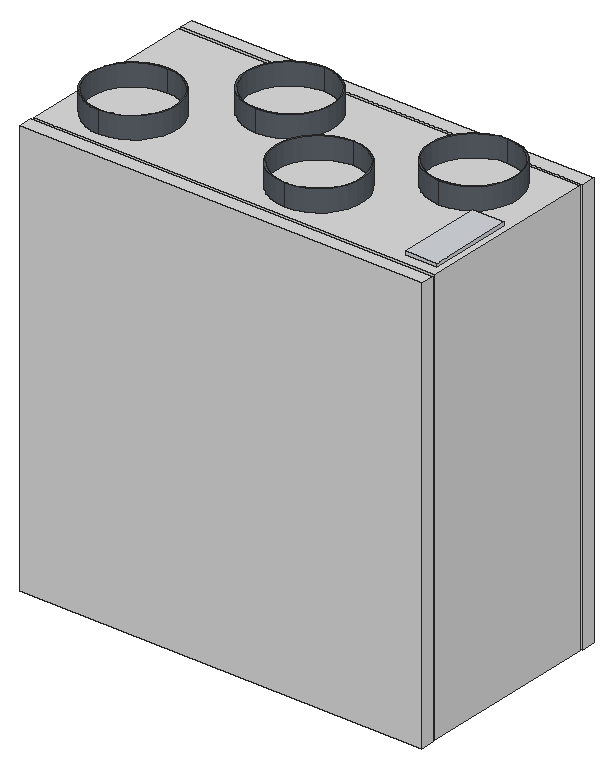
Revit family "Salda Indoor Rotor Vertical AHU.Smarty VEL", category Mechanical Equipment, Revit 2016
Family settings
  Part Type = Normal
  Round Connector Dimension = Use Diameter
  OmniClass Number = 23.75.35.14.11
  OmniClass Title = Built-Up Indoor Air Handling Units
  Work Plane-Based = No
  Always vertical = Yes
  Cut with Voids When Loaded = No
  Shared = No
  Room Calculation Point = No
Parameters (values of type "Smarty 2R VEL")
  Voltage = 230 V
  Unit Mass = 36.00 kg
  L4 = 237.7 mm
  Power = 750 W
  Overall Width = 320 mm
  Overall Length = 598 mm
  Overall Height = Module Height + Connector Height  # 653 mm
  URL = "http://salda.lt/en/products/item/5637266077"
  Supply Air [instance] = 0.0 m³/h
  Return Air [instance] = 0.0 m³/h
  Module Height = 620 mm
  Model = "Smarty 2R VEL"
  Maximum Flow Rate = 250.0 m³/h
  Manufacturer = "Salda"
  Keynote = ""
  L1 = 224.5 mm
  L3 = 84 mm
  L2 = 100.4 mm
  Service Area [instance] = no
  Service Area Width = Overall Width * 2  # 640 mm
  Current = 3.91 A
  Kitchen Hood Connector Diameter = 175 mm
  Connector Height = 33 mm
  Connector Back Horizontal Offset = 98 mm
  Connector Diameters = 125 mm
  Connector Front Horizontal Offset = 105.7 mm
Types (3, lengths in mm): name | Power | Model | Maximum Flow Rate | Current
  (no name) | 750 W | "Smarty 2R VEL" | 250.0 m³/h | 3.91 A
  Smarty 2R VEL | 750 W | "Smarty 2R VEL" | 250.0 m³/h | 3.91 A
  Smarty 2R VEL PLUS | 770 W | "Smarty 2R VEL PLUS" | 305.0 m³/h | 4.13 A
Reference planes
  plane 1 "Center (Front/Back)": y = 0
  plane 2: z = 0
  plane 3 "Center (Left/Right)": x = 0
  plane 4 "Left": x = -299
  plane 5 "Back": y = 160
  plane 6 "Front": y = -160
  plane 7 "Right": x = 299
  plane 8 "Top": z = 620
  plane 9 "Cover": y = -135
  plane 10 "Back Connectors": y = 62
  plane 11 "Front Connectors": y = -54.3
  plane 12: x = -74.5
  plane 13: x = 198.6
  plane 14: x = -215
  plane 15: x = 61.3
  plane 16 "Service Area": y = -800
  plane 17: y = 135
Forms (mm)
  Extrusion 1, solid, material "Salda. White Metal Paint"
    sketch origin (-299, 0, 0) x (0, 1, 0) y (0, 0, 1)
      loop
        line (-135, 0) -> (135, 0) -> (135, 620) -> (-135, 620) -> (-135, 0)
    from 0 to 598
  Extrusion 2, solid, material "Salda. White Metal Paint"
    sketch origin (-299, 0, 0) x (0, 1, 0) y (0, 0, 1)
      loop
        line (-160, 620) -> (-160, 0) -> (-140, 0) -> (-140, 620) -> (-160, 620)
    from 0 to 598
  Extrusion 3, solid, material "Salda. Service Zone", visible <- "Service Area"
    sketch origin (-299, 0, 0) x (0, 1, 0) y (0, 0, 1)
      loop
        line (-160, 0) -> (-160, 620) -> (-800, 620) -> (-800, 0) -> (-160, 0)
    from 0 to 598
  Extrusion 4, solid, material "Salda. White Metal Paint"
    sketch origin (-299, 0, 0) x (0, 1, 0) y (0, 0, 1)
      loop
        line (160, 620) -> (140, 620) -> (140, 0) -> (160, 0) -> (160, 620)
    from 0 to 598
  Extrusion 5, solid
    sketch origin (0, 0, 620) x (-1, 0, 0) y (0, -1, 0)
      loop
        line (-242, -6.286) -> (-242, 119) -> (-288, 119) -> (-288, -6.286) -> (-242, -6.286)
    from 0 to 4.584
Dimensions and locks
  equal spacing: plane 4 "Left", plane 3 "Center (Left/Right)", plane 7 "Right"
  "Overall Length": plane 4 "Left" to plane 7 "Right"
  equal spacing: plane 5 "Back", plane 1 "Center (Front/Back)", plane 6 "Front"
  "Overall Width": plane 6 "Front" to plane 5 "Back"
  "Module Height": plane 8 "Top" to plane 2
  locked: plane 9 "Cover" to plane 6 "Front" at 25
  locked: Extrusion 2 sketch curve to Extrusion 2 sketch curve at 20
  "L1": plane 4 "Left" to plane 12
  "L2": plane 13 to plane 7 "Right"
  "Connector Front Horizontal Offset": plane 6 "Front" to plane 11 "Front Connectors"
  "Connector Back Horizontal Offset": plane 5 "Back" to plane 10 "Back Connectors"
  "L3": plane 4 "Left" to plane 14
  "L4": plane 15 to plane 7 "Right"
  "Service Area Width": plane 16 "Service Area" to plane 6 "Front"
  locked: plane 5 "Back" to plane 17 at 25
  locked: Extrusion 4 sketch curve to Extrusion 4 sketch curve at 20
  locked: Extrusion 5 sketch curve to Extrusion 5 sketch curve at 46
  locked: Extrusion 5 sketch curve to Extrusion 5 sketch curve at 125.286
  locked: plane 6 "Front" to Extrusion 5 sketch curve at 41
  locked: Extrusion 5 sketch curve to plane 7 "Right" at 11
  locked: nested 5 to plane 7 "Right" at 49
  aligned and locked: level to plane 2
  aligned and locked: Extrusion 1 sketch curve to plane 8 "Top"
  aligned and locked: level to Extrusion 1 sketch curve
  aligned and locked: Extrusion 1 sketch curve to plane 9 "Cover"
  aligned and locked: Extrusion 2 sketch curve to plane 8 "Top"
  aligned and locked: Extrusion 2 sketch curve to plane 6 "Front"
  aligned and locked: Extrusion 2 to plane 7 "Right"
  aligned and locked: Extrusion 2 to plane 4 "Left"
  aligned and locked: nested 1 to plane 12
  aligned and locked: nested 1 to plane 10 "Back Connectors"
  aligned and locked: nested 3 to plane 11 "Front Connectors"
  aligned and locked: nested 4 to plane 11 "Front Connectors"
  aligned and locked: nested 3 to plane 14
  aligned and locked: nested 4 to plane 15
  aligned and locked: nested 2 to plane 10 "Back Connectors"
  aligned and locked: nested 2 to plane 13
  aligned and locked: plane 6 "Front" to Extrusion 3 sketch curve
  aligned and locked: Extrusion 3 sketch curve to plane 8 "Top"
  aligned and locked: Extrusion 3 sketch curve to plane 16 "Service Area"
  aligned and locked: level to Extrusion 2 sketch curve
  aligned and locked: Extrusion 3 to plane 2
  aligned and locked: plane 17 to Extrusion 1
  aligned and locked: plane 5 "Back" to Extrusion 4 sketch curve
  aligned and locked: plane 2 to Extrusion 4 sketch curve
  aligned and locked: Extrusion 4 sketch curve to plane 8 "Top"
  aligned and locked: Extrusion 4 to plane 7 "Right"
  aligned and locked: Extrusion 4 to plane 4 "Left"
  aligned and locked: nested 6 to plane 1 "Center (Front/Back)"
  aligned and locked: nested 6 to plane 3 "Center (Left/Right)"
  aligned and locked: Extrusion 1 to plane 7 "Right"
  aligned and locked: Extrusion 3 to plane 7 "Right"
  aligned and locked: Extrusion 3 to plane 4 "Left"
  aligned and locked: Extrusion 1 to plane 4 "Left"
  aligned and locked: nested 5 to plane 11 "Front Connectors"
Automatic sketch dimensions
  level to Extrusion 3 sketch curve = 0 mm
  Extrusion 1 sketch curve to plane 5 "Back" = 25 mm
Nested families
  nested 1: "Duct Connector Vertical" at (-74.5, 62, 620) x (0, -1, 0) z (0, 0, 1), type "Duct Connector Vertical D125"
  nested 2: "Duct Connector Vertical" at (198.6, 62, 620) x (0, -1, 0) z (0, 0, 1), type "Duct Connector Vertical D125"
  nested 3: "Duct Connector Vertical" at (-215, -54.3, 620) x (0, -1, 0) z (0, 0, 1), type "Duct Connector Vertical D125"
  nested 4: "Duct Connector Vertical" at (61.3, -54.3, 620) x (0, -1, 0) z (0, 0, 1), type "Duct Connector Vertical D125"
  nested 5: "Pipe Connector" at (250, -54.3, 0), type "Pipe Connector", detail levels fine
  nested 6: "Duct Connector Vertical" at (0, 0, 0) x (0, 1, 0) z (0, 0, -1), type "Duct Connector Vertical D175"
Connectors
  hvac at (-74.5, 62, 652), driven by "Connector Diameters", driven by "Supply Air"
    settings: on nested 1, index 1, duct flow 0.0 m³/h, flow factor 0, pres drop 0.0 Pa, loss coef 0, conn angle 0.00°, conn width 304.8 mm, conn height 304.8 mm, conn diameter 125 mm, duct sys type 1, conn prof type 0, flow config 0, flow direction 2, loss method 0, conn ref index 2, conn util no, is conn primary yes, conn desc "Supply Air"
  hvac at (-215, -54.3, 652), driven by "Connector Diameters"
    settings: on nested 3, index 2, duct flow 0.0 m³/h, flow factor 0, pres drop 0.0 Pa, loss coef 0, conn angle 0.00°, conn width 304.8 mm, conn height 304.8 mm, conn diameter 125 mm, duct sys type 4, conn prof type 0, flow config 0, flow direction 1, loss method 0, conn ref index 1, conn util no, is conn primary no, conn desc "Fresh Air"
  hvac at (61.3, -54.3, 652), driven by "Return Air", driven by "Connector Diameters"
    settings: on nested 4, index 3, duct flow 0.0 m³/h, flow factor 0, pres drop 0.0 Pa, loss coef 0, conn angle 0.00°, conn width 304.8 mm, conn height 304.8 mm, conn diameter 125 mm, duct sys type 2, conn prof type 0, flow config 0, flow direction 1, loss method 0, conn ref index 4, conn util no, is conn primary no, conn desc "Extract Air"
  hvac at (198.6, 62, 652), driven by "Connector Diameters"
    settings: on nested 2, index 4, duct flow 0.0 m³/h, flow factor 0, pres drop 0.0 Pa, loss coef 0, conn angle 0.00°, conn width 304.8 mm, conn height 304.8 mm, conn diameter 125 mm, duct sys type 3, conn prof type 0, flow config 0, flow direction 2, loss method 0, conn ref index 3, conn util no, is conn primary no, conn desc "Exhaust Air"
  piping at (250, -54.3, -16.664), diameter 20
    settings: on nested 5, index 5, connector inside diameter 609.6 mm, connector length 0 mm, flow factor 0, pipe flow 0.0 L/s, pressure drop 0.0 Pa, fitting loss kfactor 0, connector angle 0.00°, fixture units 0, engagement length 0 mm, angle of deflection 0.00°, flow configuration 0, flow direction 2, fitting loss method 0, system type 16, joint type 0, gender type 0, connector reference index -1, connector utility 0, adjustable connector no, is connector primary yes, connector description ""
  electrical at (265, -56.357, 624.584), driven by "Voltage", driven by "Power"
    settings: on Extrusion 5, index 6, voltage 230 V, apparent load 0 VA, apparent load phase1 750 VA, apparent load phase2 0 VA, apparent load phase3 0 VA, power factor 1, load classification "HVAC", number of poles 1, system type 31, power factor state 1, is connector primary yes, connector utility no, sub classification motor no, connector description ""
  hvac at (0, 0, -32), driven by "Kitchen Hood Connector Diameter"
    settings: on nested 6, index 7, duct flow 0.0 m³/h, flow factor 0, pres drop 0.0 Pa, loss coef 0, conn angle 0.00°, conn width 304.8 mm, conn height 304.8 mm, conn diameter 175 mm, duct sys type 4, conn prof type 0, flow config 0, flow direction 1, loss method 0, conn ref index -1, conn util no, is conn primary no, conn desc "Kitchen Hood"
Definition of nested family "Duct Connector Vertical"
  Parameters (values of type "Duct Connector Vertical D175")
    Radius = Diameter / 2  # 87.5 mm
    Diameter = 175 mm
    Default Elevation = 1219.2 mm
  Types (2, lengths in mm): name | Radius | Diameter
    Duct Connector Vertical D175 | 87.5 | 175
    Duct Connector Vertical D125 | 62.5 | 125
  Reference planes
    plane 1 "Center (Front/Back)": y = 0
    plane 2: z = 0
    plane 3 "Center (Left/Right)": x = 0
  Forms (mm)
    Extrusion 1, solid
      sketch origin (0, 0, 0) x (1, 0, 0) y (0, 1, 0)
        loop
          line (-1219.2, 1219.2) -> (-1219.2, -1219.2) -> (1219.2, -1219.2) -> (1219.2, 1219.2) -> (-1219.2, 1219.2)
      from 0 to -304.8
    Revolve 2, solid
      sketch origin (0, 0, 0) x (1, 0, 0) y (0, 0, 1)
        loop
          line (87.5, 0) -> (89.04, 0) -> (89.04, 32) -> (87.5, 32) -> (87.5, 0)
        axis (0, 32) -> (0, 0)
      angle from 0 to 360
  Dimensions and locks
    "Radius": Revolve 2 sketch curve to plane 3 "Center (Left/Right)"
    aligned and locked: plane 2 to Extrusion 1
    aligned and locked: level to Extrusion 1
    aligned and locked: plane 2 to Revolve 2
  Automatic sketch dimensions
    Extrusion 1 sketch curve to Extrusion 1 sketch curve = 2438.4 mm  (x2)
    Revolve 2 sketch curve to plane 3 "Center (Left/Right)" = 0 mm
    Revolve 2 sketch curve to level = 0 mm
    Revolve 2 sketch curve to Revolve 2 sketch curve = 1.54 mm
    level to Revolve 2 sketch curve = 32 mm
    Revolve 2 sketch curve to level = 609.6 mm
    Revolve 2 sketch curve to Revolve 2 sketch curve = 2578.914 mm
Definition of nested family "Pipe Connector"
  Reference planes
    plane 1 "Center (Front/Back)": y = 0
    plane 2: z = 0
    plane 3 "Center (Left/Right)": x = 0
  Forms (mm)
    Revolve 1, solid
      sketch origin (0, 0, 0) x (0, 0, -1) y (-1, 0, 0)
        loop
          line (0, 0) -> (0, -11.588) -> (16.664, -11.588) -> (16.664, -9.539) -> (1.664, -9.539) -> (1.664, 0) -> (0, 0)
        axis (0, 0) -> (16.664, 0)
      angle from 0 to 360
  Dimensions and locks
    aligned and locked: level to plane 2
